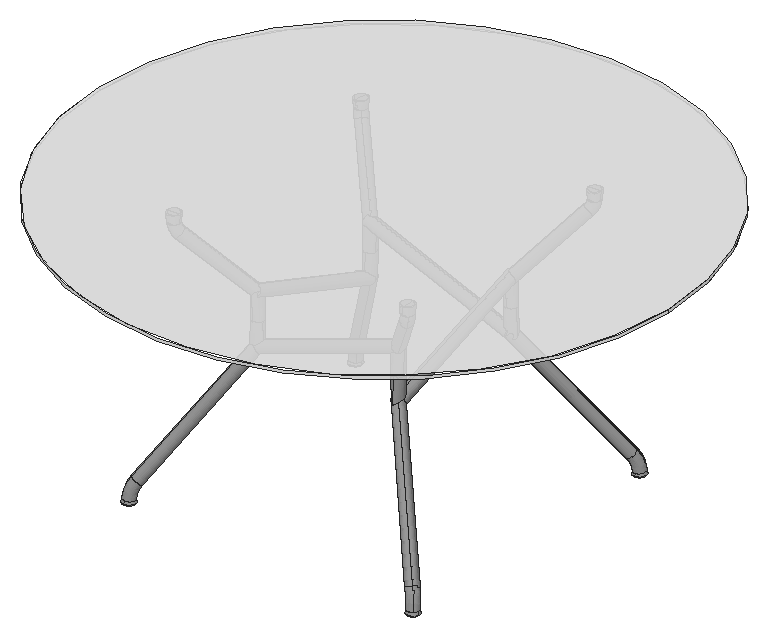
Revit family "Haworth_Cappellini_Branch_Table_RoundLarge_AP_PRELIMINARY", category Furniture, Revit 2019
Family settings
  OmniClass Number = 23.40.70.14.64.21
  OmniClass Title = Systems Furniture
  Work Plane-Based = No
  Always vertical = Yes
  Cut with Voids When Loaded = No
  Shared = No
  Room Calculation Point = No
Parameters (values of type "Round - Large")
  Warranty = "http://www.haworth.com/resources/product-info/warranties"
  URL - Product = "https://www.haworth.com/ap/en/products/meeting-tables/branch.html"
  Top Finish [instance] = Haworth _ Glass _ Frosted
  Radius = Actual Width / 2  # 800 mm
  Model = "BR_3XX"  # constant formula
  URL = "https://www.haworth.com/ap/en.html"
  Size = "Verify Final Dim. w/ Haworth"  # constant formula
  Revision Number = "1"  # constant formula
  Manufacturer = "Haworth"  # constant formula
  Description = "Haworth - Cappellini - Branch - Table - 1600w"  # constant formula
  Base Finish [instance] = Haworth _ Polymer _ Undecided
  Author = "Haworth (Hampton, Abd Rahman)"  # constant formula
  Assembly Code = "E2020200"
  Actual Width = 1600 mm  # constant formula
  Actual Height = 730 mm  # constant formula
  Table Thickness = 10 mm  # constant formula
  Actual Depth = Actual Width  # 1600 mm
Reference planes
  plane 1 "Center F/B": y = -4.03
  plane 2 "Floor": z = 0
  plane 3 "Center L/R": x = 0
  plane 4 "Table Edge Left": x = -800
  plane 5 "Table Edge Right": x = 800
  plane 6 "Table Edge Front": y = -804.03
  plane 7 "Table Edge Back": y = 795.97
  plane 8 "Table Bottom": z = 730
  plane 9: z = 720
Forms (mm)
  Extrusion 1, solid, material "Haworth _ Glass _ Frosted" <- "Top Finish"
    sketch origin (0, 0, 0) x (1, 0, 0) y (0, 1, 0)
      loop
        circle (0, -4.03) r 800
    from 730 to 720
Lines and regions (mm)
  Masking region 1
    outline origin (0, 0, 679.45) x (0, -1, 0) y (1, 0, 0)
      loop
        circle (4.03, 0) r 800
  reference lines
    curve 1: circle (0, -4.03, 0) r 800 normal (0, 0, 1)
Dimensions and locks
  "Actual Depth": plane 7 "Table Edge Back" to plane 6 "Table Edge Front"
  "Actual Width": plane 4 "Table Edge Left" to plane 5 "Table Edge Right"
  equal spacing: plane 4 "Table Edge Left", plane 3 "Center L/R", plane 5 "Table Edge Right"
  equal spacing: plane 7 "Table Edge Back", plane 1 "Center F/B", plane 6 "Table Edge Front"
  "Actual Height": plane 8 "Table Bottom" to level
  "Table Thickness": plane 8 "Table Bottom" to plane 9
  "Radius": radius of curve 1
  aligned and locked: Extrusion 1 sketch curve to curve 1
  aligned and locked: Masking region 1 sketch curve to Extrusion 1
  aligned and locked: plane 3 "Center L/R" to nested 1
  aligned and locked: plane 1 "Center F/B" to nested 1
  aligned and locked: plane 8 "Table Bottom" to Extrusion 1
  aligned and locked: Extrusion 1 to plane 9
Automatic sketch dimensions
  plane 1 "Center F/B" to curve 1 = 0 mm
  curve 1 to plane 3 "Center L/R" = 0 mm
Nested families
  nested 1: "Haworth_Branch-Table-Leg4-Part" at (0, 0, 0), type "Base"
Definition of nested family "Haworth_Branch-Table-Leg4-Part"
  Parameters
    Warranty = "http://haworthcollection.com/hc/about-us/certifications-warranties"
    Sustainability Info = "www.haworth.com/en-us/About-Us/Sustainability/Pages/Vision.aspx"
    Support Location Offset = 197.941 mm  # constant formula
    Support Finish = none
    Product Page URL = "http://haworthcollection.com/hc/products/tables-conference/branch"
    Model = "Haworth_Branch-Table-Leg4-Part"  # constant formula
    URL = "http://haworthcollection.com/"
    Support Height = 723.9 mm  # constant formula
    Size = "Verify Final Dim. w/ Haworth"  # constant formula
    Revision Number = "1"  # constant formula
    Manufacturer = "Haworth"  # constant formula
    Description = "Haworth_Branch-Table-Leg4-Part"
    Author = "Haworth (Hampton)"  # constant formula
    Assembly Code = "E2020200"
    Actual Width = 1600.2 mm  # constant formula
    Actual Height = 730.25 mm  # constant formula
    Actual Depth = Actual Width  # 1600.2 mm
  Reference planes
    plane 1 "Center F/B": y = -4.03
    plane 2 "Floor": z = 0
    plane 3 "Center L/R": x = 0
    plane 4 "Table Edge Left": x = -800.1
    plane 5 "Table Edge Right": x = 800.1
    plane 6 "Table Edge Back": y = -803.121
    plane 7 "Table Edge Front": y = 797.079
    plane 8 "Table Bottom": z = 730.25
    plane 9 "Diagonal LR": through (0, -4.03, 1219.2) normal (-0.7071, 0.7071, 0)
    plane 10 "Diagonal RL": through (0, -4.03, 1219.2) normal (-0.7071, -0.7071, 0)
    plane 11 "Support Back": y = 193.911
    plane 12 "Support Front": y = -201.971
    plane 13 "Support Left": x = -197.941
    plane 14 "Support Right": x = 197.941
  Dimensions and locks
    "Actual Depth": plane 7 "Table Edge Front" to plane 6 "Table Edge Back"
    "Actual Width": plane 4 "Table Edge Left" to plane 5 "Table Edge Right"
    equal spacing: plane 4 "Table Edge Left", plane 3 "Center L/R", plane 5 "Table Edge Right"
    plane 7 "Table Edge Front" to plane 1 "Center F/B" to plane 6 "Table Edge Back" = 801.109 mm, 799.091 mm
    "Actual Height": plane 8 "Table Bottom" to level
    "Support Location Offset": plane 13 "Support Left" to plane 3 "Center L/R"
    "Support Location Offset": plane 3 "Center L/R" to plane 14 "Support Right"
    "Support Location Offset": plane 11 "Support Back" to plane 1 "Center F/B"
    "Support Location Offset": plane 12 "Support Front" to plane 1 "Center F/B"
    aligned and locked: nested 1 to plane 14 "Support Right"
    aligned and locked: nested 2 to plane 12 "Support Front"
    aligned and locked: nested 2 to plane 14 "Support Right"
    aligned and locked: plane 14 "Support Right" to nested 3
    aligned and locked: plane 11 "Support Back" to nested 3
    aligned and locked: nested 4 to plane 13 "Support Left"
    aligned and locked: plane 12 "Support Front" to nested 4
  Nested families
    nested 1: "Haworth_Branch-Table-Leg-Part" at (-197.925, -197.941, 0), type "Haworth_Branch-Table-Leg-Part"
    nested 2: "Haworth_Branch-Table-Leg-Part" at (193.911, -201.971, 0) x (0, 1, 0) z (0, 0, 1), type "Haworth_Branch-Table-Leg-Part"
    nested 3: "Haworth_Branch-Table-Leg-Part" at (197.941, 189.882, 0) x (-1, 0, 0) z (0, 0, 1), type "Haworth_Branch-Table-Leg-Part"
    nested 4: "Haworth_Branch-Table-Leg-Part" at (-193.911, 193.895, 0) x (0, -1, 0) z (0, 0, 1), type "Haworth_Branch-Table-Leg-Part"
  Definition of nested family "Haworth_Branch-Table-Leg-Part"
    Parameters
      Warranty = "http://haworthcollection.com/hc/about-us/certifications-warranties"
      Support Location_Front_Back = 70.644 mm  # constant formula
      Support Location Offset = 146.05 mm  # constant formula
      Support Finish = none
      Model = "Haworth_Branch-Table-Leg-Part"  # constant formula
      URL = "http://haworthcollection.com/"
      Support Height = 443.508 mm  # constant formula
      Size = "Verify Final Dim. w/ Haworth"  # constant formula
      Revision Number = "1"  # constant formula
      Standard Height = "29 in."  # constant formula
      Manufacturer = "Haworth"  # constant formula
      Description = "Haworth_Branch-Table-Leg-Part"
      Author = "Haworth (Hampton)"  # constant formula
      Assembly Code = "E2020200"
      Actual Width = 726.678 mm  # constant formula
      Actual Height = 723.999 mm  # constant formula
      Actual Depth = 201.414 mm  # constant formula
    Reference planes
      plane 1 "Center F/B": y = -4.03
      plane 2 "Floor": z = 0
      plane 3 "Support Left Middle": x = 0
      plane 4 "Left Bottom": y = -205.444
      plane 5 "Right Bottom": y = -134.8
      plane 6 "Support Right Middle": x = 395.866
      plane 7 "Table Top Bottom": z = 723.999
      plane 8 "Support Middle Attach": z = 443.508
      plane 9 "Support Left Bottom": x = -200.21
      plane 10 "Support Right Top": x = 526.468
      plane 11 "Bottom Angel": through (0, -4.03, 1219.2) normal (0.7092, -0.705, 0)
      plane 12 "Top Angel": through (395.866, -4.03, 1219.2) normal (0.7076, 0.7067, 0)
      plane 13 "Support Left Middle Bottom": z = 365.998
      plane 14 "Support Right Middle Top": z = 520.062
    Forms (mm)
      Revolve 1, solid, material <- "Support Finish"
        sketch origin (-200.21, 0, 0) x (0, 1, 0) y (0, 0, 1)
          loop
            line (-205.444, 0) -> (-205.444, 10) -> (-218.111, 10) -> (-219.214, 9.228) -> (-222.703, 0.592) -> (-222.11, 0) -> (-205.444, 0)
          axis (-205.444, 10) -> (-205.444, 0)
        angle from 0 to 360
      Revolve 2, solid, material <- "Support Finish"
        sketch origin (526.468, 0, 0) x (0, 1, 0) y (0, 0, 1)
          loop
            line (-134.8, 723.999) -> (-151.474, 723.999) -> (-152.937, 722.536) -> (-151.013, 700.546) -> (-150.582, 699.8) -> (-134.8, 699.8) -> (-134.8, 723.999)
          axis (-134.8, 723.999) -> (-134.8, 699.8)
        angle from 0 to 360
      Sweep 3, solid, material <- "Support Finish"
        path origin (2.015, -2.003, 0) x (0.704983, 0.709224, 0) y (0, 0, 1)
          loop
            line (0.572, 379.12) -> (-269.132, 53.782)
            arc (-269.132, 53.782) -> (-281.384, 33.265) -> (-286.848, 10) r 77.977
        profile origin (-92.65, -97.238, 216.451) x (0.542739, 0.546004, -0.638212) y (0.709224, -0.704983, 0)
          loop
            circle (0, 0) r 15.875
      Sweep 4, solid, material <- "Support Finish"
        path origin (196.17, 195.92, 0) x (-0.706657, 0.707556, 0) y (0, 0, 1)
          loop
            line (-282.118, 512.195) -> (-455.18, 673.578)
            arc (-455.18, 673.578) -> (-463.788, 685.5) -> (-467.218, 699.8) r 37.95
        profile origin (456.678, -64.92, 592.886) x (0.481939, -0.482552, -0.731354) y (0.707556, 0.706657, 0)
          loop
            circle (0, 0) r 15.875
      Sweep 5, solid, material <- "Support Finish"
        path origin (0, -4.03, 0) x (1, 0, 0) y (0, 0, 1)
          loop
            line (3.024, 374.596) -> (403.644, 517.814)
        profile origin (203.334, -4.03, 446.205) x (-0.336626, 0, 0.941638) y (0, -1, 0)
          loop
            circle (0, 0) r 15.875
      Blend 6, solid, material <- "Support Finish"
        base sketch origin (0, 0, 365.998) x (-1, 0, 0) y (0, -1, 0)
          loop
            spline (19.05, 4.03) -> (18.401, 7.317) -> (16.498, 10.38) -> (13.47, 13.01) -> (9.525, 15.028) -> (4.931, 16.297) -> (0, 16.73) -> (-4.931, 16.297) -> (-9.525, 15.028) -> (-13.47, 13.01) -> (-16.498, 10.38) -> (-18.401, 7.317) -> (-19.05, 4.03)
            spline (-19.05, 4.03) -> (-18.401, 0.743) -> (-16.498, -2.32) -> (-13.47, -4.95) -> (-9.525, -6.969) -> (-4.931, -8.237) -> (0, -8.67) -> (4.931, -8.237) -> (9.525, -6.969) -> (13.47, -4.95) -> (16.498, -2.32) -> (18.401, 0.743) -> (19.05, 4.03)
        top sketch origin (0, 0, 365.998) x (-1, 0, 0) y (0, -1, 0)
          loop
            circle (0, 4.03) r 15.875
        from 0 to 77.51
      Blend 7, solid, material <- "Support Finish"
        base sketch origin (0, 0, 0) x (1, 0, 0) y (0, 1, 0)
          loop
            circle (395.866, -4.03) r 15.875
        top sketch origin (0, 0, 0) x (1, 0, 0) y (0, 1, 0)
          loop
            spline (414.916, -4.03) -> (414.267, -0.743) -> (412.364, 2.32) -> (409.336, 4.95) -> (405.391, 6.969) -> (400.796, 8.237) -> (395.866, 8.67) -> (390.935, 8.237) -> (386.341, 6.969) -> (382.396, 4.95) -> (379.368, 2.32) -> (377.465, -0.743) -> (376.816, -4.03)
            spline (376.816, -4.03) -> (377.465, -7.317) -> (379.368, -10.38) -> (382.396, -13.01) -> (386.341, -15.028) -> (390.935, -16.297) -> (395.866, -16.73) -> (400.796, -16.297) -> (405.391, -15.028) -> (409.336, -13.01) -> (412.364, -10.38) -> (414.267, -7.317) -> (414.916, -4.03)
        from 443.508 to 520.062
    Cuts and joins
      joined: Sweep 3, Sweep 4, Sweep 5, Blend 6, Blend 7
    Lines and regions (mm)
      symbolic lines, detail levels medium+fine
        curve 1: spline (-211.366, -216.668, 365.998) -> (-213.9, -213.389, 365.998) -> (-215.501, -209.568, 365.998) -> (-216.059, -205.466, 365.998) -> (-215.538, -201.363, 365.998) -> (-213.971, -197.537, 365.998) -> (-211.467, -194.25, 365.998) -> (-208.195, -191.726, 365.998) -> (-204.379, -190.137, 365.998) -> (-200.279, -189.591, 365.998) -> (-196.174, -190.125, 365.998) -> (-192.343, -191.702, 365.998) -> (-189.049, -194.216, 365.998)
        curve 2: spline (-189.049, -194.216, 365.998) -> (-186.515, -197.495, 365.998) -> (-184.915, -201.316, 365.998) -> (-184.356, -205.418, 365.998) -> (-184.878, -209.521, 365.998) -> (-186.444, -213.347, 365.998) -> (-188.949, -216.634, 365.998) -> (-192.221, -219.158, 365.998) -> (-196.037, -220.747, 365.998) -> (-200.137, -221.294, 365.998) -> (-204.242, -220.76, 365.998) -> (-208.072, -219.182, 365.998) -> (-211.366, -216.668, 365.998)
        curve 3: arc (15.875, -4.03, 365.998) -> (0, 11.845, 365.998) -> (-15.875, -4.03, 365.998) r 15.875
        curve 4: arc (-15.875, -4.03, 365.998) -> (0, -19.905, 365.998) -> (15.875, -4.03, 365.998) r 15.875
        curve 5: arc (379.991, -4.03, 365.998) -> (395.866, 11.845, 365.998) -> (411.741, -4.03, 365.998) r 15.875
        curve 6: arc (411.741, -4.03, 365.998) -> (395.866, -19.905, 365.998) -> (379.991, -4.03, 365.998) r 15.875
        curve 7: arc (526.468, -151.474, 365.998) -> (509.795, -134.8, 365.998) -> (526.468, -118.127, 365.998) r 16.673
        curve 8: arc (526.468, -118.127, 365.998) -> (543.142, -134.8, 365.998) -> (526.468, -151.474, 365.998) r 16.673
        curve 9: line (515.033, -146.935, 365.998) -> (384.48, -15.092, 365.998)
        curve 10: line (408.044, 6.154, 365.998) -> (538.921, -123.712, 365.998)
        curve 11: line (395.866, 11.845, 365.998) -> (0, 11.845, 365.998)
        curve 12: line (0, -19.905, 365.998) -> (395.866, -19.905, 365.998)
        curve 13: line (11.467, -15.008, 365.998) -> (-189.688, -217.262, 365.998)
        curve 14: line (-211.465, -194.249, 365.998) -> (-10.475, 7.899, 365.998)
    Dimensions and locks
      "Actual Depth": plane 1 "Center F/B" to plane 4 "Left Bottom"
      "Support Location_Front_Back": plane 5 "Right Bottom" to plane 4 "Left Bottom"
      "Support Height": plane 8 "Support Middle Attach" to level
      "Actual Height": plane 7 "Table Top Bottom" to level
      "Actual Width": plane 10 "Support Right Top" to plane 9 "Support Left Bottom"
      Blend 7 sketch curve to Blend 7 sketch curve = 19.05 mm
      radius of Blend 6 sketch curve = 15.875 mm
      aligned and locked: Revolve 1 sketch curve to plane 4 "Left Bottom"
      aligned and locked: Revolve 2 sketch curve to plane 5 "Right Bottom"
      aligned and locked: plane 8 "Support Middle Attach" to Blend 6
      aligned and locked: Blend 6 to plane 13 "Support Left Middle Bottom"
      aligned and locked: Blend 7 to plane 14 "Support Right Middle Top"
      aligned and locked: Blend 7 to plane 8 "Support Middle Attach"
    Automatic sketch dimensions
      Revolve 1 sketch curve to level = 0 mm
      Revolve 1 sketch curve to plane 4 "Left Bottom" = 0 mm
      Revolve 1 sketch curve to Revolve 1 sketch curve = 12.667 mm
      Revolve 1 sketch curve to Revolve 1 sketch curve = 1.102 mm
      Revolve 1 sketch curve to Revolve 1 sketch curve = 2.896 mm
      level to Revolve 1 sketch curve = 0.592 mm
      Revolve 1 sketch curve to Revolve 1 sketch curve = 0.592 mm
      Revolve 1 sketch curve to level = 304.8 mm
      level to Revolve 1 sketch curve = 9.228 mm
      Revolve 1 sketch curve to Revolve 1 sketch curve = 10 mm
      plane 7 "Table Top Bottom" to Revolve 1 sketch curve = 1714.401 mm
      Revolve 2 sketch curve to plane 5 "Right Bottom" = 0 mm
      Revolve 2 sketch curve to plane 7 "Table Top Bottom" = 0 mm
      Revolve 2 sketch curve to Revolve 2 sketch curve = 15.782 mm
      Revolve 2 sketch curve to Revolve 2 sketch curve = 0.431 mm
      Revolve 2 sketch curve to Revolve 2 sketch curve = 16.673 mm
      Revolve 2 sketch curve to plane 7 "Table Top Bottom" = 1.463 mm
      Revolve 2 sketch curve to Revolve 2 sketch curve = 1.463 mm
      Revolve 2 sketch curve to Revolve 2 sketch curve = 21.991 mm
      Revolve 2 sketch curve to Revolve 2 sketch curve = 0.746 mm
      Revolve 2 sketch curve to level = 304.8 mm
      Revolve 2 sketch curve to Revolve 2 sketch curve = 1714.401 mm
      level to Sweep 3 sketch curve = 10 mm
      Sweep 3 sketch curve to Sweep 3 sketch curve = 17.716 mm
      level to Sweep 3 sketch curve = 53.782 mm
      level to Sweep 3 sketch curve = 4.016 mm
      Sweep 3 sketch curve to plane 8 "Support Middle Attach" = 64.388 mm
      Sweep 3 sketch curve to Sweep 3 sketch curve = 269.704 mm
      Sweep 3 sketch curve to plane 11 "Bottom Angel" = 0 mm
      Sweep 3 sketch curve to profile plane = 0 mm
      Sweep 4 sketch curve to plane 7 "Table Top Bottom" = 24.2 mm
      Sweep 4 sketch curve to Sweep 4 sketch curve = 12.037 mm
      Sweep 4 sketch curve to plane 7 "Table Top Bottom" = 50.421 mm
      Sweep 4 sketch curve to Sweep 4 sketch curve = 25.882 mm
      plane 8 "Support Middle Attach" to Sweep 4 sketch curve = 68.687 mm
      Sweep 4 sketch curve to Sweep 4 sketch curve = 173.062 mm
      Sweep 4 sketch curve to plane 12 "Top Angel" = 0 mm
      Sweep 4 sketch curve to profile plane = 0 mm
      plane 1 "Center F/B" to Sweep 5 sketch curve = 0 mm
      Sweep 5 sketch curve to profile plane = 0 mm
      plane 3 "Support Left Middle" to Sweep 5 sketch curve = 3.024 mm
      plane 6 "Support Right Middle" to Sweep 5 sketch curve = 7.778 mm
      Sweep 5 sketch curve to plane 8 "Support Middle Attach" = 68.911 mm
      plane 8 "Support Middle Attach" to Sweep 5 sketch curve = 74.306 mm
      plane 1 "Center F/B" to Blend 6 sketch curve = 0 mm  (x2)
      Blend 6 sketch curve to plane 3 "Support Left Middle" = 0 mm  (x2)
      Blend 6 sketch curve to Blend 6 sketch curve = 19.05 mm
      plane 1 "Center F/B" to Blend 7 sketch curve = 0 mm  (x2)
      Blend 7 sketch curve to plane 6 "Support Right Middle" = 0 mm  (x2)
      curve 7 to plane 5 "Right Bottom" = 0 mm
      curve 7 to plane 10 "Support Right Top" = 0 mm
      plane 1 "Center F/B" to curve 6 = 0 mm
      curve 12 to plane 6 "Support Right Middle" = 0 mm
      curve 6 to plane 6 "Support Right Middle" = 0 mm
      curve 11 to plane 6 "Support Right Middle" = 0 mm
      curve 11 to plane 3 "Support Left Middle" = 0 mm
      curve 12 to plane 3 "Support Left Middle" = 0 mm
      curve 3 to plane 3 "Support Left Middle" = 0 mm
      plane 11 "Bottom Angel" to curve 1 = 0 mm
      plane 10 "Support Right Top" to curve 10 = 12.452 mm
      curve 9 to plane 10 "Support Right Top" = 11.435 mm
      curve 10 to plane 1 "Center F/B" = 10.183 mm
      plane 1 "Center F/B" to curve 9 = 11.062 mm
      plane 1 "Center F/B" to curve 13 = 10.978 mm
      curve 14 to plane 3 "Support Left Middle" = 10.475 mm
      plane 9 "Support Left Bottom" to curve 1 = 11.161 mm
      plane 9 "Support Left Bottom" to curve 13 = 10.522 mm
      plane 9 "Support Left Bottom" to curve 2 = 0.002 mm
      curve 14 to plane 9 "Support Left Bottom" = 11.256 mm
      curve 14 to curve 1 = 0.001 mm
      curve 2 to curve 1 = 0 mm
      curve 11 to curve 14 = 3.946 mm
      plane 5 "Right Bottom" to curve 8 = 16.673 mm
      curve 13 to plane 4 "Left Bottom" = 11.818 mm
      radius of Sweep 3 sketch curve = 15.875 mm
      radius of Sweep 4 sketch curve = 15.875 mm
      radius of Sweep 5 sketch curve = 15.875 mm
      radius of Blend 7 sketch curve = 15.875 mm
